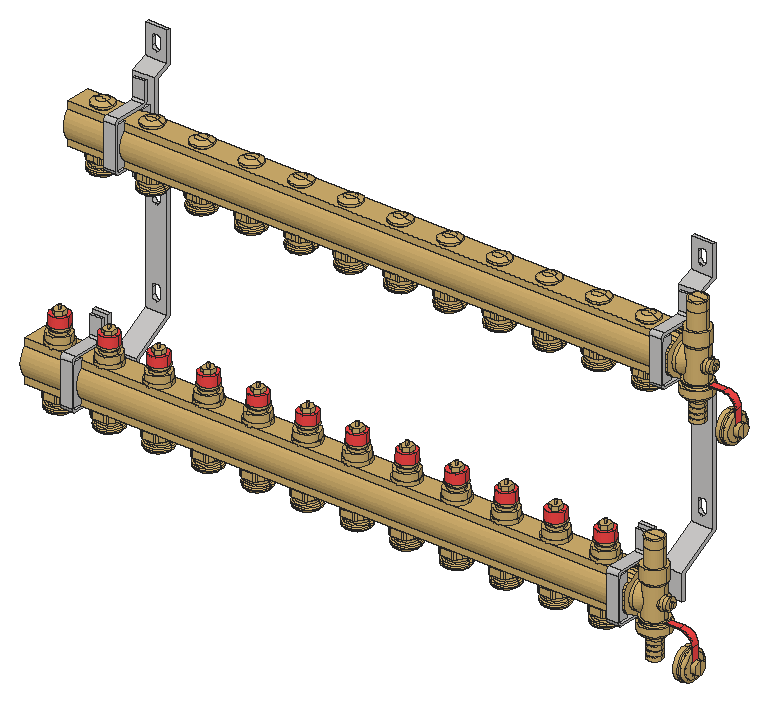
Revit family "Manifold FHF_2-12_RFA", category Pipe Accessories, Revit 2019 (continued)
Definition of nested family "_FHF-EA_EM"
  Automatic sketch dimensions
    Extrusion 2 sketch curve to plane 1 "Center (Front/Back)" = 2.669 mm  (x2)
    plane 5 to Extrusion 2 sketch curve = 3.75 mm  (x2)
    Extrusion 2 sketch curve to plane 5 = 2.831 mm  (x2)
    Extrusion 2 sketch curve to plane 5 = 5.5 mm
    Extrusion 2 sketch curve to Extrusion 2 sketch curve = 3.786 mm  (x2)
    Extrusion 2 sketch curve to Extrusion 2 sketch curve = 3.813 mm  (x2)
    Extrusion 2 sketch curve to Extrusion 2 sketch curve = 1.22 mm  (x2)
    Extrusion 2 sketch curve to Extrusion 2 sketch curve = 1.181 mm  (x2)
    Extrusion 2 sketch curve to Extrusion 2 sketch curve = 1.136 mm  (x2)
    Extrusion 2 sketch curve to Extrusion 2 sketch curve = 1.086 mm  (x2)
    Extrusion 2 sketch curve to Extrusion 2 sketch curve = 3.8 mm  (x4)
    Extrusion 2 sketch curve to Extrusion 2 sketch curve = 1.893 mm  (x7)
    Extrusion 2 sketch curve to Extrusion 2 sketch curve = 5.693 mm
    Extrusion 2 sketch curve to Extrusion 2 sketch curve = 1.907 mm  (x3)
    Extrusion 2 sketch curve to Extrusion 2 sketch curve = 0.179 mm  (x2)
    level to Extrusion 2 sketch curve = 3.786 mm  (x2)
    Extrusion 2 sketch curve to Extrusion 2 sketch curve = 3.814 mm  (x2)
    Extrusion 2 sketch curve to Extrusion 2 sketch curve = 2.401 mm  (x2)
    Extrusion 2 sketch curve to Extrusion 2 sketch curve = 2.222 mm  (x2)
    Extrusion 2 sketch curve to Extrusion 2 sketch curve = 0 mm  (x15)
    Extrusion 2 sketch curve to Extrusion 2 sketch curve = 3.279 mm  (x2)
    Extrusion 2 sketch curve to plane 4 = 0.471 mm  (x2)
    plane 5 to Extrusion 2 sketch curve = 0.471 mm  (x2)
    plane 3 "Center (Left/Right)" to Revolve 3 sketch curve = 15.987 mm
    Revolve 3 sketch curve to Revolve 3 sketch curve = 0.47 mm
    Revolve 3 sketch curve to Revolve 3 sketch curve = 1.502 mm
    Revolve 3 sketch curve to Revolve 3 sketch curve = 3.069 mm
    plane 3 "Center (Left/Right)" to Revolve 3 sketch curve = 19.056 mm
    plane 3 "Center (Left/Right)" to Revolve 3 sketch curve = 19.515 mm
    Revolve 3 sketch curve to Revolve 3 sketch curve = 1.472 mm
    Revolve 3 sketch curve to Revolve 3 sketch curve = 3.228 mm
    Revolve 3 sketch curve to Revolve 3 sketch curve = 2.642 mm
    Revolve 3 sketch curve to Revolve 3 sketch curve = 3.019 mm  (x2)
    Revolve 3 sketch curve to Revolve 3 sketch curve = 1.475 mm  (x2)
    Revolve 3 sketch curve to Revolve 3 sketch curve = 1.531 mm
    Revolve 3 sketch curve to Revolve 3 sketch curve = 4.308 mm
    Revolve 3 sketch curve to Revolve 3 sketch curve = 0.252 mm
    Revolve 3 sketch curve to Revolve 3 sketch curve = 0.082 mm
    Revolve 3 sketch curve to Revolve 3 sketch curve = 0.178 mm
    Revolve 3 sketch curve to Revolve 3 sketch curve = 0.105 mm
    Revolve 3 sketch curve to Revolve 3 sketch curve = 0.199 mm
    Revolve 3 sketch curve to Revolve 3 sketch curve = 0.21 mm
    Revolve 3 sketch curve to Revolve 3 sketch curve = 0.313 mm
    Revolve 3 sketch curve to Revolve 3 sketch curve = 1.061 mm
    Revolve 3 sketch curve to Revolve 3 sketch curve = 3.958 mm
    Revolve 3 sketch curve to Revolve 3 sketch curve = 1.08 mm
    Revolve 3 sketch curve to Revolve 3 sketch curve = 3.695 mm
    Revolve 3 sketch curve to Revolve 3 sketch curve = 4.803 mm
    Revolve 3 sketch curve to Revolve 3 sketch curve = 1.52 mm
    Revolve 3 sketch curve to Revolve 3 sketch curve = 1 mm
    level to Revolve 3 sketch curve = 15.773 mm
    Revolve 3 sketch curve to Revolve 3 sketch curve = 17.012 mm
    Revolve 3 sketch curve to Revolve 3 sketch curve = 0.512 mm
    Revolve 3 sketch curve to Revolve 3 sketch curve = 0.919 mm
    Revolve 3 sketch curve to Revolve 3 sketch curve = 5.08 mm
    Revolve 3 sketch curve to Revolve 3 sketch curve = 1.962 mm
    Revolve 3 sketch curve to Revolve 3 sketch curve = 6.25 mm
    Revolve 3 sketch curve to Revolve 3 sketch curve = 0 mm  (x2)
    Revolve 3 sketch curve to Revolve 3 sketch curve = 0.007 mm
    plane 6 to Revolve 4 sketch curve = 0 mm  (x2)
    Revolve 4 sketch curve to plane 6 = 6 mm
    Revolve 4 sketch curve to Revolve 4 sketch curve = 2.522 mm
    Revolve 4 sketch curve to Revolve 4 sketch curve = 2.471 mm
    Revolve 4 sketch curve to Revolve 4 sketch curve = 0.522 mm
    Revolve 4 sketch curve to Revolve 4 sketch curve = 0.143 mm
    Revolve 4 sketch curve to Revolve 4 sketch curve = 6.164 mm
    Revolve 4 sketch curve to Revolve 4 sketch curve = 5.813 mm
    Revolve 4 sketch curve to Revolve 4 sketch curve = 0.001 mm
    Revolve 4 sketch curve to Revolve 4 sketch curve = 10 mm
    Revolve 4 sketch curve to Revolve 4 sketch curve = 0 mm  (x2)
    Sweep 5 sketch curve to plane 6 = 18 mm
    Sweep 5 sketch curve to Sweep 5 sketch curve = 12.968 mm
    Sweep 5 sketch curve to Sweep 5 sketch curve = 17.328 mm
    profile plane to Sweep 5 sketch curve = 1.008 mm
    profile plane to Sweep 5 sketch curve = 0.008 mm
    Sweep 5 sketch curve to Sweep 5 sketch curve = 1.001 mm
    Sweep 5 sketch curve to plane 1 "Center (Front/Back)" = 3.534 mm
    plane 1 "Center (Front/Back)" to Sweep 5 sketch curve = 3.534 mm
    Sweep 5 sketch curve to Sweep 5 sketch curve = 1 mm
    plane 3 "Center (Left/Right)" to Revolve 6 sketch curve = 6.174 mm
    Revolve 6 sketch curve to Revolve 6 sketch curve = 9.151 mm
    Revolve 6 sketch curve to Revolve 6 sketch curve = 0.823 mm
    Revolve 6 sketch curve to Revolve 6 sketch curve = 0 mm  (x2)
    Revolve 6 sketch curve to Revolve 6 sketch curve = 3.908 mm
    Revolve 6 sketch curve to Revolve 6 sketch curve = 0.141 mm
    Revolve 7 sketch curve to level = 0 mm  (x2)
    plane 3 "Center (Left/Right)" to Revolve 7 sketch curve = 19.487 mm
    Revolve 7 sketch curve to Revolve 7 sketch curve = 4.111 mm
    Revolve 7 sketch curve to Revolve 7 sketch curve = 9.817 mm
    Revolve 7 sketch curve to Revolve 7 sketch curve = 11.642 mm
    Revolve 7 sketch curve to Revolve 7 sketch curve = 1.53 mm
    Revolve 7 sketch curve to Revolve 7 sketch curve = 4.1 mm
    Revolve 7 sketch curve to Revolve 7 sketch curve = 2.909 mm
    level to Revolve 7 sketch curve = 2.5 mm
    Revolve 7 sketch curve to Revolve 7 sketch curve = 3.5 mm
    level to Revolve 7 sketch curve = 7.53 mm
    Revolve 7 sketch curve to Revolve 7 sketch curve = 7.132 mm
    Revolve 7 sketch curve to Revolve 7 sketch curve = 0 mm  (x2)
    Revolve 8 sketch curve to level = 0 mm  (x2)
    Revolve 8 sketch curve to plane 3 "Center (Left/Right)" = 0 mm  (x2)
    plane 3 "Center (Left/Right)" to Revolve 8 sketch curve = 1.535 mm
    Revolve 8 sketch curve to Revolve 8 sketch curve = 5.705 mm
    Revolve 8 sketch curve to Revolve 8 sketch curve = 0.736 mm
    Revolve 8 sketch curve to Revolve 8 sketch curve = 2.794 mm
    Revolve 8 sketch curve to Revolve 8 sketch curve = 1.453 mm
    level to Revolve 8 sketch curve = 14.494 mm
    Revolve 8 sketch curve to Revolve 8 sketch curve = 0.523 mm
    Revolve 8 sketch curve to Revolve 8 sketch curve = 2.058 mm  (x2)
    Revolve 8 sketch curve to Revolve 8 sketch curve = 0 mm
    Extrusion 9 sketch curve to level = 0 mm  (x2)
    Extrusion 9 sketch curve to plane 1 "Center (Front/Back)" = 0 mm  (x2)
    plane 1 "Center (Front/Back)" to Extrusion 9 sketch curve = 2.669 mm  (x2)
    Extrusion 9 sketch curve to Extrusion 9 sketch curve = 3.302 mm  (x2)
    Extrusion 9 sketch curve to plane 4 = 3.75 mm  (x2)
    plane 4 to Extrusion 9 sketch curve = 2.831 mm  (x2)
    Extrusion 9 sketch curve to Extrusion 9 sketch curve = 0.782 mm  (x2)
    Extrusion 9 sketch curve to Extrusion 9 sketch curve = 0.707 mm  (x2)
    Extrusion 9 sketch curve to Extrusion 9 sketch curve = 1.489 mm  (x2)
    Extrusion 9 sketch curve to Extrusion 9 sketch curve = 0.63 mm  (x2)
    plane 4 to Extrusion 9 sketch curve = 5.5 mm
    Extrusion 9 sketch curve to plane 1 "Center (Front/Back)" = 2.669 mm  (x2)
    plane 5 to Extrusion 9 sketch curve = 3.75 mm  (x2)
    Extrusion 9 sketch curve to plane 5 = 2.831 mm  (x2)
    Extrusion 9 sketch curve to plane 5 = 5.5 mm
    Extrusion 9 sketch curve to Extrusion 9 sketch curve = 3.786 mm  (x2)
    Extrusion 9 sketch curve to Extrusion 9 sketch curve = 3.813 mm  (x2)
    Extrusion 9 sketch curve to Extrusion 9 sketch curve = 1.22 mm  (x2)
    Extrusion 9 sketch curve to Extrusion 9 sketch curve = 1.181 mm  (x2)
    Extrusion 9 sketch curve to Extrusion 9 sketch curve = 1.136 mm  (x2)
    Extrusion 9 sketch curve to Extrusion 9 sketch curve = 1.086 mm  (x2)
    Extrusion 9 sketch curve to Extrusion 9 sketch curve = 3.8 mm  (x4)
    Extrusion 9 sketch curve to Extrusion 9 sketch curve = 1.893 mm  (x7)
    Extrusion 9 sketch curve to Extrusion 9 sketch curve = 5.693 mm
    Extrusion 9 sketch curve to Extrusion 9 sketch curve = 1.907 mm  (x3)
    Extrusion 9 sketch curve to Extrusion 9 sketch curve = 0.179 mm  (x2)
    level to Extrusion 9 sketch curve = 3.786 mm  (x2)
    Extrusion 9 sketch curve to Extrusion 9 sketch curve = 3.814 mm  (x2)
    Extrusion 9 sketch curve to Extrusion 9 sketch curve = 2.401 mm  (x2)
    Extrusion 9 sketch curve to Extrusion 9 sketch curve = 2.222 mm  (x2)
    Extrusion 9 sketch curve to Extrusion 9 sketch curve = 0 mm  (x15)
    Extrusion 9 sketch curve to Extrusion 9 sketch curve = 3.279 mm  (x2)
    Extrusion 9 sketch curve to plane 4 = 0.471 mm  (x2)
    plane 5 to Extrusion 9 sketch curve = 0.471 mm  (x2)
    plane 6 to Revolve 10 sketch curve = 0 mm  (x2)
    Revolve 10 sketch curve to plane 6 = 6 mm
    Revolve 10 sketch curve to Revolve 10 sketch curve = 2.522 mm
    Revolve 10 sketch curve to Revolve 10 sketch curve = 2.471 mm
    Revolve 10 sketch curve to Revolve 10 sketch curve = 0.522 mm
    Revolve 10 sketch curve to Revolve 10 sketch curve = 0.143 mm
    Revolve 10 sketch curve to Revolve 10 sketch curve = 10 mm
    Revolve 10 sketch curve to Revolve 10 sketch curve = 6.164 mm
    Revolve 10 sketch curve to Revolve 10 sketch curve = 5.813 mm
    Revolve 10 sketch curve to Revolve 10 sketch curve = 0.001 mm
    Revolve 10 sketch curve to Revolve 10 sketch curve = 0 mm  (x2)
    Revolve 11 sketch curve to level = 0 mm  (x2)
    plane 3 "Center (Left/Right)" to Revolve 11 sketch curve = 19.487 mm
    Revolve 11 sketch curve to Revolve 11 sketch curve = 4.111 mm
    Revolve 11 sketch curve to Revolve 11 sketch curve = 9.817 mm
    Revolve 11 sketch curve to Revolve 11 sketch curve = 11.642 mm
    Revolve 11 sketch curve to Revolve 11 sketch curve = 1.53 mm
    Revolve 11 sketch curve to Revolve 11 sketch curve = 4.1 mm
    Revolve 11 sketch curve to Revolve 11 sketch curve = 2.909 mm
    level to Revolve 11 sketch curve = 2.5 mm
    Revolve 11 sketch curve to Revolve 11 sketch curve = 3.5 mm
    level to Revolve 11 sketch curve = 7.53 mm
    Revolve 11 sketch curve to Revolve 11 sketch curve = 7.132 mm
    Revolve 11 sketch curve to Revolve 11 sketch curve = 0 mm  (x2)
    Revolve 12 sketch curve to level = 0 mm  (x2)
    Revolve 12 sketch curve to plane 3 "Center (Left/Right)" = 0 mm  (x2)
    level to Revolve 12 sketch curve = 1.109 mm
    plane 3 "Center (Left/Right)" to Revolve 12 sketch curve = 19.166 mm
    Revolve 12 sketch curve to Revolve 12 sketch curve = 0.32 mm
    Revolve 12 sketch curve to Revolve 12 sketch curve = 14.874 mm
    Revolve 12 sketch curve to Revolve 12 sketch curve = 0 mm
    plane 3 "Center (Left/Right)" to Revolve 13 sketch curve = 18.583 mm
    plane 3 "Center (Left/Right)" to Revolve 13 sketch curve = 19.532 mm
    Revolve 13 sketch curve to Revolve 13 sketch curve = 3.814 mm
    Revolve 13 sketch curve to Revolve 13 sketch curve = 7.283 mm
    Revolve 13 sketch curve to Revolve 13 sketch curve = 7.643 mm
    Revolve 13 sketch curve to Revolve 13 sketch curve = 10 mm
    level to Revolve 13 sketch curve = 29.7 mm
    Revolve 13 sketch curve to Revolve 13 sketch curve = 1.522 mm
    Revolve 13 sketch curve to Revolve 13 sketch curve = 0 mm  (x3)
    plane 6 to Revolve 14 sketch curve = 0 mm  (x2)
    Revolve 14 sketch curve to plane 6 = 6.04 mm
    Revolve 14 sketch curve to Revolve 14 sketch curve = 9.96 mm
    Revolve 14 sketch curve to Revolve 14 sketch curve = 8.745 mm
    Revolve 14 sketch curve to Revolve 14 sketch curve = 0 mm  (x2)
    Sweep 16 sketch curve to plane 6 = 18 mm
    Sweep 16 sketch curve to plane 6 = 5.032 mm
    Sweep 16 sketch curve to Sweep 16 sketch curve = 17.328 mm
    profile plane to Sweep 16 sketch curve = 1.008 mm  (x2)
    profile plane to Sweep 16 sketch curve = 0.008 mm
    profile plane to Sweep 16 sketch curve = 0.007 mm
    Sweep 16 sketch curve to plane 1 "Center (Front/Back)" = 3.534 mm
    plane 1 "Center (Front/Back)" to Sweep 16 sketch curve = 3.534 mm
    Revolve 17 sketch curve to level = 0 mm  (x2)
    Revolve 17 sketch curve to plane 3 "Center (Left/Right)" = 0 mm  (x2)
    level to Revolve 17 sketch curve = 1.109 mm
    plane 3 "Center (Left/Right)" to Revolve 17 sketch curve = 19.166 mm
    Revolve 17 sketch curve to Revolve 17 sketch curve = 0.32 mm
    Revolve 17 sketch curve to Revolve 17 sketch curve = 14.874 mm
    Revolve 17 sketch curve to Revolve 17 sketch curve = 0 mm
    plane 3 "Center (Left/Right)" to Revolve 18 sketch curve = 18.583 mm
    plane 3 "Center (Left/Right)" to Revolve 18 sketch curve = 19.532 mm
    Revolve 18 sketch curve to Revolve 18 sketch curve = 3.814 mm
    Revolve 18 sketch curve to Revolve 18 sketch curve = 7.283 mm
    Revolve 18 sketch curve to Revolve 18 sketch curve = 7.643 mm
    Revolve 18 sketch curve to Revolve 18 sketch curve = 10 mm
    level to Revolve 18 sketch curve = 29.7 mm
    Revolve 18 sketch curve to Revolve 18 sketch curve = 1.522 mm
    Revolve 18 sketch curve to Revolve 18 sketch curve = 0 mm  (x3)
    plane 6 to Revolve 19 sketch curve = 0 mm  (x2)
    Revolve 19 sketch curve to plane 6 = 6.04 mm
    Revolve 19 sketch curve to Revolve 19 sketch curve = 9.96 mm
    Revolve 19 sketch curve to Revolve 19 sketch curve = 6.255 mm
    Revolve 19 sketch curve to Revolve 19 sketch curve = 8.745 mm
    Revolve 19 sketch curve to Revolve 19 sketch curve = 0 mm  (x2)
    plane 3 "Center (Left/Right)" to Revolve 20 sketch curve = 19.532 mm
    Revolve 20 sketch curve to Revolve 20 sketch curve = 2.865 mm
    Revolve 20 sketch curve to Revolve 20 sketch curve = 7.283 mm
    Revolve 20 sketch curve to Revolve 20 sketch curve = 7.643 mm
    Revolve 20 sketch curve to Revolve 20 sketch curve = 10 mm
    Revolve 20 sketch curve to Revolve 20 sketch curve = 0 mm  (x3)
    Revolve 3 sketch curve to Revolve 3 sketch curve = 1.5 mm  (x2)
    level to Revolve 6 sketch curve = 69.25 mm
    Revolve 6 sketch curve to Revolve 6 sketch curve = 4.604 mm
    Revolve 6 sketch curve to Revolve 6 sketch curve = 1.346 mm
    Revolve 6 sketch curve to Revolve 6 sketch curve = 0.561 mm
    Revolve 13 sketch curve to Revolve 13 sketch curve = 44.478 mm
    Revolve 18 sketch curve to Revolve 18 sketch curve = 44.478 mm
    level to Revolve 20 sketch curve = 57.24 mm
    Revolve 3 sketch curve to level = 16.3 mm
    Revolve 3 sketch curve to Revolve 3 sketch curve = 1.025 mm
    Revolve 3 sketch curve to Revolve 3 sketch curve = 3.967 mm
    Revolve 3 sketch curve to Revolve 3 sketch curve = 0.908 mm
    Revolve 3 sketch curve to Revolve 3 sketch curve = 3.615 mm
    Revolve 3 sketch curve to Revolve 3 sketch curve = 0.45 mm
    Revolve 4 sketch curve to level = 47.3 mm
    Sweep 5 sketch curve to level = 29.268 mm
    Sweep 5 sketch curve to Sweep 5 sketch curve = 25 mm
    Revolve 10 sketch curve to level = 47.3 mm
    Revolve 13 sketch curve to level = 20.3 mm
    Revolve 13 sketch curve to Revolve 13 sketch curve = 23.5 mm
    Revolve 14 sketch curve to level = 47.3 mm
    Revolve 14 sketch curve to Revolve 14 sketch curve = 6.255 mm
    Sweep 16 sketch curve to level = 29.268 mm
    Sweep 16 sketch curve to Sweep 16 sketch curve = 25 mm
    Revolve 18 sketch curve to level = 20.3 mm
    Revolve 18 sketch curve to Revolve 18 sketch curve = 23.5 mm
    Revolve 19 sketch curve to level = 47.3 mm
    Revolve 20 sketch curve to level = 20.3 mm
    Revolve 20 sketch curve to Revolve 20 sketch curve = 23.5 mm
    Revolve 3 sketch curve to plane 8 = 0 mm
    Revolve 3 sketch curve to Revolve 3 sketch curve = 2.187 mm
    Revolve 3 sketch curve to Revolve 3 sketch curve = 13.266 mm
    Revolve 3 sketch curve to plane 7 = 0 mm
    Revolve 15 sketch curve to plane 7 = 0 mm  (x2)
    plane 3 "Center (Left/Right)" to Revolve 15 sketch curve = 19.515 mm
    Revolve 15 sketch curve to Revolve 15 sketch curve = 1.472 mm
    plane 3 "Center (Left/Right)" to Revolve 15 sketch curve = 22.284 mm
    Revolve 15 sketch curve to Revolve 15 sketch curve = 2.642 mm
    Revolve 15 sketch curve to Revolve 15 sketch curve = 3.019 mm  (x2)
    Revolve 15 sketch curve to Revolve 15 sketch curve = 2.645 mm
    Revolve 15 sketch curve to Revolve 15 sketch curve = 1.531 mm
    Revolve 15 sketch curve to Revolve 15 sketch curve = 3.229 mm
    Revolve 15 sketch curve to Revolve 15 sketch curve = 0.8 mm
    Revolve 15 sketch curve to Revolve 15 sketch curve = 4.308 mm
    Revolve 15 sketch curve to Revolve 15 sketch curve = 0.252 mm
    plane 7 to Revolve 15 sketch curve = 0.45 mm
    Revolve 15 sketch curve to Revolve 15 sketch curve = 0.082 mm
    Revolve 15 sketch curve to Revolve 15 sketch curve = 0.178 mm
    plane 7 to Revolve 15 sketch curve = 8.94 mm
    Revolve 15 sketch curve to Revolve 15 sketch curve = 0.105 mm
    plane 7 to Revolve 15 sketch curve = 9.965 mm
    Revolve 15 sketch curve to Revolve 15 sketch curve = 0.199 mm
    Revolve 15 sketch curve to Revolve 15 sketch curve = 0.21 mm
    plane 7 to Revolve 15 sketch curve = 4.973 mm
    Revolve 15 sketch curve to Revolve 15 sketch curve = 0.313 mm
    Revolve 15 sketch curve to Revolve 15 sketch curve = 1.061 mm
    Revolve 15 sketch curve to Revolve 15 sketch curve = 6.25 mm
    Revolve 15 sketch curve to Revolve 15 sketch curve = 0.908 mm
    Revolve 15 sketch curve to Revolve 15 sketch curve = 3.958 mm
    Revolve 15 sketch curve to Revolve 15 sketch curve = 1.08 mm
    Revolve 15 sketch curve to Revolve 15 sketch curve = 3.695 mm
    Revolve 15 sketch curve to Revolve 15 sketch curve = 4.803 mm
    Revolve 15 sketch curve to Revolve 15 sketch curve = 1.475 mm
    Revolve 15 sketch curve to Revolve 15 sketch curve = 1.52 mm
    Revolve 15 sketch curve to Revolve 15 sketch curve = 1 mm
    level to Revolve 15 sketch curve = 15.773 mm
    Revolve 15 sketch curve to plane 8 = 19.26 mm
    Revolve 15 sketch curve to Revolve 15 sketch curve = 0 mm  (x2)
    Revolve 15 sketch curve to Revolve 15 sketch curve = 8.24 mm
    Revolve 15 sketch curve to Revolve 15 sketch curve = 2.187 mm
    Revolve 15 sketch curve to Revolve 15 sketch curve = 13.266 mm
    Revolve 15 sketch curve to Revolve 15 sketch curve = 6.986 mm
Definition of nested family "_FHF-MB_RFA"
  Parameters (values of type "FHF-MB_088U0585")
    W = 85.5 mm
    Valve Body Material = none
    Model Type = "FHF-MB_Mounting brackets set"
    Model = "088U0585"
    Manufacturer = "Danfoss"  # constant formula
    LOD 350 [instance] = not(LOD 200)  # yes
    LOD 200 [instance] = no
    L [instance] = 688 mm
    IfcExportType = "FHF-MB"  # constant formula
    IfcExportAs = "IfcValveType"  # constant formula
    H = 342 mm
    Description = "Accessories for Manifolds"
  Reference planes
    plane 1 "Center (Front/Back)": y = 0
    plane 2: z = 0
    plane 3 "s": x = 0
    plane 4: x = 716.737
    plane 5: x = 14.697
    plane 6: x = 2.697
    plane 7: x = 673.959
    plane 8: x = 690.697
    plane 9: x = 685.947
    plane 10: x = 707.447
    plane 11: x = -22.303
    plane 12: x = -10.303
    plane 13: x = 677.697
    plane 14: x = 665.697
    plane 15: y = 1.109
    plane 16: y = -2.391
    plane 17: z = -257.811
    plane 18: z = 84.189
    plane 19: y = 40.109
    plane 20: y = -45.391
    plane 21 "Center (Left/Right)": x = 8.697
    plane 22 "right": x = 696.697
    plane 23: x = 702.697
  Forms (mm)
    Extrusion 1, solid, material <- "Valve Body Material"
      sketch origin (0, 0, 0) x (0, 1, 0) y (0, 0, 1)
        loop
          line (16.609, 28.189) -> (16.609, 46.189) -> (14.609, 46.189) -> (14.609, 28.189)
          arc (14.609, 28.189) -> (14.023, 26.775) -> (12.609, 26.189) r 2
          line (12.609, 26.189) -> (-18.391, 26.189)
          arc (-18.391, 26.189) -> (-21.219, 25.017) -> (-22.391, 22.189) r 4
          line (-22.391, 22.189) -> (-22.391, -19.811)
          arc (-22.391, -19.811) -> (-21.219, -22.639) -> (-18.391, -23.811) r 4
          line (-18.391, -23.811) -> (12.609, -23.811)
          arc (12.609, -23.811) -> (14.023, -24.397) -> (14.609, -25.811) r 2
          line (14.609, -25.811) -> (14.609, -43.811) -> (16.609, -43.811) -> (16.609, -25.811)
          arc (16.609, -25.811) -> (15.438, -22.983) -> (12.609, -21.811) r 4
          line (12.609, -21.811) -> (-18.391, -21.811)
          arc (-18.391, -21.811) -> (-19.992, -21.042) -> (-20.391, -19.311) r 2.05
          line (-20.391, -19.311) -> (-20.391, 21.689)
          arc (-20.391, 21.689) -> (-19.992, 23.42) -> (-18.391, 24.189) r 2.05
          line (-18.391, 24.189) -> (12.609, 24.189)
          arc (12.609, 24.189) -> (15.438, 25.361) -> (16.609, 28.189) r 4
      from 2.697 to 14.697
    Extrusion 2, solid, material <- "Valve Body Material"
      sketch origin (0, 0, 0) x (0, 1, 0) y (0, 0, 1)
        loop
          line (36.609, 84.189) -> (36.609, 54.013) -> (20.609, 48.189) -> (20.609, -45.811) -> (36.609, -51.634) -> (36.609, -173.334) -> (-2.391, -195.851) -> (-2.391, -221.811) -> (1.109, -221.811) -> (1.109, -197.872) -> (40.109, -175.355) -> (40.109, -49.184) -> (24.109, -43.36) -> (24.109, 45.738) -> (40.109, 51.562) -> (40.109, 84.189) -> (36.609, 84.189)
      from -2.053 to 19.447
    Extrusion 3, solid, material <- "Valve Body Material"
      sketch origin (0, 0, 0) x (0, 1, 0) y (0, 0, 1)
        loop
          line (-6.391, -184.811) -> (-6.391, -166.811) -> (-8.391, -166.811) -> (-8.391, -184.811)
          arc (-8.391, -184.811) -> (-8.977, -186.225) -> (-10.391, -186.811) r 2
          line (-10.391, -186.811) -> (-41.391, -186.811)
          arc (-41.391, -186.811) -> (-44.219, -187.983) -> (-45.391, -190.811) r 4
          line (-45.391, -190.811) -> (-45.391, -232.811)
          arc (-45.391, -232.811) -> (-44.219, -235.639) -> (-41.391, -236.811) r 4
          line (-41.391, -236.811) -> (-10.391, -236.811)
          arc (-10.391, -236.811) -> (-8.977, -237.397) -> (-8.391, -238.811) r 2
          line (-8.391, -238.811) -> (-8.391, -256.811) -> (-6.391, -256.811) -> (-6.391, -238.811)
          arc (-6.391, -238.811) -> (-7.562, -235.983) -> (-10.391, -234.811) r 4
          line (-10.391, -234.811) -> (-41.391, -234.811)
          arc (-41.391, -234.811) -> (-42.992, -234.042) -> (-43.391, -232.311) r 2.05
          line (-43.391, -232.311) -> (-43.391, -191.311)
          arc (-43.391, -191.311) -> (-42.992, -189.58) -> (-41.391, -188.811) r 2.05
          line (-41.391, -188.811) -> (-10.391, -188.811)
          arc (-10.391, -188.811) -> (-7.562, -187.639) -> (-6.391, -184.811) r 4
      from -22.303 to -10.303
    Extrusion 4, solid, material <- "Valve Body Material"
      sketch origin (0, 0, 0) x (1, 0, 0) y (0, 0, 1)
        loop
          line (-2.053, -201.811) -> (-9.553, -201.811) -> (-9.553, -165.811) -> (-24.553, -165.811) -> (-24.553, -257.811) -> (-8.553, -257.811) -> (-8.553, -221.811) -> (-2.053, -221.811) -> (-2.053, -201.811)
      from -1.109 to 2.391
    Extrusion 5, solid, material <- "Valve Body Material", visible <- "LOD 350"
      sketch origin (0, 0, 0) x (0, 1, 0) y (0, 0, 1)
        loop
          line (-2.391, -191.311) -> (-11.391, -191.311) -> (-11.391, -198.283)
          arc (-11.391, -198.283) -> (-5.61, -211.811) -> (-11.391, -225.339) r 18.718
          line (-11.391, -225.339) -> (-11.391, -232.311) -> (-2.391, -232.311) -> (-2.391, -191.311)
        loop
          line (-34.391, -191.311) -> (-43.391, -191.311) -> (-43.391, -232.311) -> (-34.391, -232.311) -> (-34.391, -225.339)
          arc (-34.391, -225.339) -> (-40.327, -211.811) -> (-34.391, -198.283) r 18.382
          line (-34.391, -198.283) -> (-34.391, -191.311)
      from -22.303 to -10.303
    Extrusion 6, solid, material <- "Valve Body Material", visible <- "LOD 350"
      sketch origin (0, 0, 0) x (0, 1, 0) y (0, 0, 1)
        loop
          line (20.609, 21.689) -> (11.609, 21.689) -> (11.609, 14.717)
          arc (11.609, 14.717) -> (17.39, 1.189) -> (11.609, -12.339) r 18.718
          line (11.609, -12.339) -> (11.609, -19.311) -> (20.609, -19.311) -> (20.609, 21.689)
        loop
          line (-11.391, 21.689) -> (-20.391, 21.689) -> (-20.391, -19.311) -> (-11.391, -19.311) -> (-11.391, -12.339)
          arc (-11.391, -12.339) -> (-17.327, 1.189) -> (-11.391, 14.717) r 18.382
          line (-11.391, 14.717) -> (-11.391, 21.689)
      from 2.697 to 14.697
    Extrusion 7, solid, material <- "Valve Body Material"
      sketch origin (0, 0, 0) x (0, 1, 0) y (0, 0, 1)
        loop
          line (16.609, 28.189) -> (16.609, 46.189) -> (14.609, 46.189) -> (14.609, 28.189)
          arc (14.609, 28.189) -> (14.023, 26.775) -> (12.609, 26.189) r 2
          line (12.609, 26.189) -> (-18.391, 26.189)
          arc (-18.391, 26.189) -> (-21.219, 25.017) -> (-22.391, 22.189) r 4
          line (-22.391, 22.189) -> (-22.391, -19.811)
          arc (-22.391, -19.811) -> (-21.219, -22.639) -> (-18.391, -23.811) r 4
          line (-18.391, -23.811) -> (12.609, -23.811)
          arc (12.609, -23.811) -> (14.023, -24.397) -> (14.609, -25.811) r 2
          line (14.609, -25.811) -> (14.609, -43.811) -> (16.609, -43.811) -> (16.609, -25.811)
          arc (16.609, -25.811) -> (15.438, -22.983) -> (12.609, -21.811) r 4
          line (12.609, -21.811) -> (-18.391, -21.811)
          arc (-18.391, -21.811) -> (-19.992, -21.042) -> (-20.391, -19.311) r 2.05
          line (-20.391, -19.311) -> (-20.391, 21.689)
          arc (-20.391, 21.689) -> (-19.992, 23.42) -> (-18.391, 24.189) r 2.05
          line (-18.391, 24.189) -> (12.609, 24.189)
          arc (12.609, 24.189) -> (15.438, 25.361) -> (16.609, 28.189) r 4
      from 690.697 to 702.697
    Extrusion 8, solid, material <- "Valve Body Material"
      sketch origin (0, 0, 0) x (0, 1, 0) y (0, 0, 1)
        loop
          line (36.609, 84.189) -> (36.609, 54.013) -> (20.609, 48.189) -> (20.609, -45.811) -> (36.609, -51.634) -> (36.609, -173.334) -> (-2.391, -195.851) -> (-2.391, -221.811) -> (1.109, -221.811) -> (1.109, -197.872) -> (40.109, -175.355) -> (40.109, -49.184) -> (24.109, -43.36) -> (24.109, 45.738) -> (40.109, 51.562) -> (40.109, 84.189) -> (36.609, 84.189)
      from 685.947 to 707.447
    Extrusion 9, solid, material <- "Valve Body Material", visible <- "LOD 350"
      sketch origin (0, 0, 0) x (0, 1, 0) y (0, 0, 1)
        loop
          line (20.609, 21.689) -> (11.609, 21.689) -> (11.609, 14.717)
          arc (11.609, 14.717) -> (17.39, 1.189) -> (11.609, -12.339) r 18.718
          line (11.609, -12.339) -> (11.609, -19.311) -> (20.609, -19.311) -> (20.609, 21.689)
        loop
          line (-11.391, 21.689) -> (-20.391, 21.689) -> (-20.391, -19.311) -> (-11.391, -19.311) -> (-11.391, -12.339)
          arc (-11.391, -12.339) -> (-17.327, 1.189) -> (-11.391, 14.717) r 18.382
          line (-11.391, 14.717) -> (-11.391, 21.689)
      from 702.697 to 690.697
    Extrusion 10, solid, material <- "Valve Body Material", visible <- "LOD 350"
      sketch origin (0, 0, 0) x (0, 1, 0) y (0, 0, 1)
        loop
          line (-2.391, -191.311) -> (-11.391, -191.311) -> (-11.391, -198.283)
          arc (-11.391, -198.283) -> (-5.61, -211.811) -> (-11.391, -225.339) r 18.718
          line (-11.391, -225.339) -> (-11.391, -232.311) -> (-2.391, -232.311) -> (-2.391, -191.311)
        loop
          line (-34.391, -191.311) -> (-43.391, -191.311) -> (-43.391, -232.311) -> (-34.391, -232.311) -> (-34.391, -225.339)
          arc (-34.391, -225.339) -> (-40.327, -211.811) -> (-34.391, -198.283) r 18.382
          line (-34.391, -198.283) -> (-34.391, -191.311)
      from 665.697 to 677.697
    Extrusion 11, solid, material <- "Valve Body Material"
      sketch origin (0, 0, 0) x (0, 1, 0) y (0, 0, 1)
        loop
          line (-6.391, -184.811) -> (-6.391, -166.811) -> (-8.391, -166.811) -> (-8.391, -184.811)
          arc (-8.391, -184.811) -> (-8.977, -186.225) -> (-10.391, -186.811) r 2
          line (-10.391, -186.811) -> (-41.391, -186.811)
          arc (-41.391, -186.811) -> (-44.219, -187.983) -> (-45.391, -190.811) r 4
          line (-45.391, -190.811) -> (-45.391, -232.811)
          arc (-45.391, -232.811) -> (-44.219, -235.639) -> (-41.391, -236.811) r 4
          line (-41.391, -236.811) -> (-10.391, -236.811)
          arc (-10.391, -236.811) -> (-8.977, -237.397) -> (-8.391, -238.811) r 2
          line (-8.391, -238.811) -> (-8.391, -256.811) -> (-6.391, -256.811) -> (-6.391, -238.811)
          arc (-6.391, -238.811) -> (-7.562, -235.983) -> (-10.391, -234.811) r 4
          line (-10.391, -234.811) -> (-41.391, -234.811)
          arc (-41.391, -234.811) -> (-42.992, -234.042) -> (-43.391, -232.311) r 2.05
          line (-43.391, -232.311) -> (-43.391, -191.311)
          arc (-43.391, -191.311) -> (-42.992, -189.58) -> (-41.391, -188.811) r 2.05
          line (-41.391, -188.811) -> (-10.391, -188.811)
          arc (-10.391, -188.811) -> (-7.562, -187.639) -> (-6.391, -184.811) r 4
      from 665.697 to 677.697
    Sweep 12, solid, material <- "Valve Body Material"
      path origin (0, 0, -213) x (0, -1, 0) y (1, 0, 0)
        loop
          line (-1.109, 716.737) -> (2.391, 716.737)
      profile origin (716.737, -0.641, -213) x (1, 0, 0) y (0, 0, 1)
        loop
          line (-38.291, 11.189) -> (-38.291, 47.189) -> (-53.291, 47.189) -> (-53.291, -44.811) -> (-37.291, -44.811) -> (-37.291, -8.811) -> (-30.791, -8.811) -> (-30.791, 11.189) -> (-38.291, 11.189)
    Extrusion 13, void
      sketch origin (0, 0, 0) x (1, 0, 0) y (0, 0, 1)
        loop
          line (4.447, 72.939) -> (4.447, 65.439)
          arc (4.447, 65.439) -> (8.697, 61.189) -> (12.947, 65.439) r 4.25
          line (12.947, 65.439) -> (12.947, 72.939)
          arc (12.947, 72.939) -> (8.697, 77.189) -> (4.447, 72.939) r 4.25
        loop
          line (4.447, -64.884) -> (4.447, -72.384)
          arc (4.447, -72.384) -> (8.697, -76.634) -> (12.947, -72.384) r 4.25
          line (12.947, -72.384) -> (12.947, -64.884)
          arc (12.947, -64.884) -> (8.697, -60.634) -> (4.447, -64.884) r 4.25
        loop
          line (4.447, -152.584) -> (4.447, -160.084)
          arc (4.447, -160.084) -> (8.697, -164.334) -> (12.947, -160.084) r 4.25
          line (12.947, -160.084) -> (12.947, -152.584)
          arc (12.947, -152.584) -> (8.697, -148.334) -> (4.447, -152.584) r 4.25
      from -68.107 to 34.391
    Sweep 14, void
      path origin (0, 0, -213) x (0, -1, 0) y (1, 0, 0)
        loop
          line (-46.109, 716.737) -> (63.891, 716.737)
      profile origin (716.737, -8.891, -213) x (1, 0, 0) y (0, 0, 1)
        loop
          line (-15.791, 278.439) -> (-15.791, 285.939)
          arc (-15.791, 285.939) -> (-20.041, 290.189) -> (-24.291, 285.939) r 4.25
          line (-24.291, 285.939) -> (-24.291, 278.439)
          arc (-24.291, 278.439) -> (-20.041, 274.189) -> (-15.791, 278.439) r 4.25
        loop
          line (-15.791, 140.616) -> (-15.791, 148.116)
          arc (-15.791, 148.116) -> (-20.041, 152.366) -> (-24.291, 148.116) r 4.25
          line (-24.291, 148.116) -> (-24.291, 140.616)
          arc (-24.291, 140.616) -> (-20.041, 136.366) -> (-15.791, 140.616) r 4.25
        loop
          line (-15.791, 52.916) -> (-15.791, 60.416)
          arc (-15.791, 60.416) -> (-20.041, 64.666) -> (-24.291, 60.416) r 4.25
          line (-24.291, 60.416) -> (-24.291, 52.916)
          arc (-24.291, 52.916) -> (-20.041, 48.666) -> (-15.791, 52.916) r 4.25
  Cuts and joins
    Extrusion 13 cuts Extrusion 2
    joined: Extrusion 2, Extrusion 4
    Sweep 14 cuts Extrusion 8
    Sweep 14 cuts Sweep 12
    joined: Extrusion 8, Sweep 12
  Dimensions and locks
    plane 4 to plane 10 to plane 22 "right" to plane 8 to plane 9 = 9.291 mm locked, 10.75 mm locked, 6 mm locked, 4.75 mm locked
    plane 4 to plane 13 to plane 14 = 39.041 mm locked, 12 mm locked
    plane 16 to plane 1 "Center (Front/Back)" to plane 15 = 2.391 mm locked, 1.109 mm locked
    "H": plane 18 to plane 17
    "W": plane 20 to plane 19
    "L": plane 21 "Center (Left/Right)" to plane 22 "right"
    locked: plane 8 to plane 23 at 12
    aligned and locked: level to plane 2
    aligned and locked: Extrusion 1 to plane 5
    aligned and locked: plane 6 to Extrusion 1
    aligned and locked: Extrusion 6 to plane 5
    aligned and locked: plane 6 to Extrusion 6
    aligned and locked: plane 8 to Extrusion 7
    aligned and locked: Extrusion 8 to plane 10
    aligned and locked: plane 9 to Extrusion 8
    aligned and locked: Extrusion 10 to plane 14
    aligned and locked: plane 13 to Extrusion 10
    aligned and locked: Extrusion 11 to plane 14
    aligned and locked: plane 13 to Extrusion 11
    aligned and locked: Extrusion 7 to plane 23
    aligned and locked: Extrusion 9 to plane 23
    aligned and locked: plane 8 to Extrusion 9
  Automatic sketch dimensions
    Extrusion 1 sketch curve to Extrusion 1 sketch curve = 0 mm  (x7)
    plane 1 "Center (Front/Back)" to Extrusion 1 sketch curve = 22.391 mm
    Extrusion 1 sketch curve to Extrusion 1 sketch curve = 2 mm  (x7)
    Extrusion 1 sketch curve to plane 1 "Center (Front/Back)" = 12.609 mm  (x2)
    Extrusion 1 sketch curve to Extrusion 1 sketch curve = 18 mm  (x2)
    Extrusion 1 sketch curve to Extrusion 1 sketch curve = 0.05 mm
    level to Extrusion 1 sketch curve = 21.689 mm
    Extrusion 1 sketch curve to Extrusion 1 sketch curve = 0.45 mm
    plane 1 "Center (Front/Back)" to Extrusion 2 sketch curve = 2.391 mm
    Extrusion 2 sketch curve to plane 1 "Center (Front/Back)" = 1.109 mm
    Extrusion 2 sketch curve to plane 1 "Center (Front/Back)" = 20.609 mm
    Extrusion 2 sketch curve to Extrusion 2 sketch curve = 3.5 mm  (x3)
    Extrusion 2 sketch curve to Extrusion 2 sketch curve = 12.5 mm
    Extrusion 2 sketch curve to plane 1 "Center (Front/Back)" = 36.609 mm
    Extrusion 2 sketch curve to Extrusion 2 sketch curve = 2.021 mm  (x2)
    Extrusion 2 sketch curve to Extrusion 2 sketch curve = 2.451 mm  (x4)
    level to Extrusion 2 sketch curve = 45.738 mm
    Extrusion 2 sketch curve to Extrusion 2 sketch curve = 5.824 mm  (x2)
    Extrusion 2 sketch curve to Extrusion 2 sketch curve = 30.176 mm
    Extrusion 3 sketch curve to Extrusion 3 sketch curve = 0 mm  (x7)
    plane 1 "Center (Front/Back)" to Extrusion 3 sketch curve = 45.391 mm
    Extrusion 3 sketch curve to Extrusion 3 sketch curve = 2 mm  (x7)
    plane 1 "Center (Front/Back)" to Extrusion 3 sketch curve = 10.391 mm  (x2)
    Extrusion 3 sketch curve to Extrusion 3 sketch curve = 18 mm  (x2)
    Extrusion 3 sketch curve to Extrusion 3 sketch curve = 0.05 mm
    Extrusion 3 sketch curve to level = 191.311 mm
    Extrusion 3 sketch curve to Extrusion 3 sketch curve = 0.45 mm
    plane 11 to Extrusion 4 sketch curve = 2.25 mm
    Extrusion 4 sketch curve to plane 12 = 0.75 mm
    Extrusion 4 sketch curve to plane 12 = 1.75 mm
    Extrusion 4 sketch curve to plane 3 "s" = 2.053 mm
    plane 1 "Center (Front/Back)" to Extrusion 5 sketch curve = 43.391 mm
    Extrusion 5 sketch curve to Extrusion 5 sketch curve = 9 mm  (x2)
    Extrusion 5 sketch curve to Extrusion 5 sketch curve = 10.063 mm
    Extrusion 5 sketch curve to Extrusion 5 sketch curve = 2.383 mm
    plane 1 "Center (Front/Back)" to Extrusion 5 sketch curve = 11.391 mm  (x2)
    plane 1 "Center (Front/Back)" to Extrusion 5 sketch curve = 2.391 mm
    Extrusion 5 sketch curve to Extrusion 5 sketch curve = 6.972 mm  (x4)
    plane 1 "Center (Front/Back)" to Extrusion 6 sketch curve = 20.391 mm
    Extrusion 6 sketch curve to Extrusion 6 sketch curve = 9 mm  (x2)
    Extrusion 6 sketch curve to Extrusion 6 sketch curve = 10.063 mm
    Extrusion 6 sketch curve to Extrusion 6 sketch curve = 2.383 mm
    Extrusion 6 sketch curve to plane 1 "Center (Front/Back)" = 11.609 mm  (x2)
    Extrusion 6 sketch curve to plane 1 "Center (Front/Back)" = 20.609 mm
    Extrusion 6 sketch curve to Extrusion 6 sketch curve = 6.972 mm  (x4)
    Extrusion 7 sketch curve to Extrusion 7 sketch curve = 0 mm  (x7)
    plane 1 "Center (Front/Back)" to Extrusion 7 sketch curve = 22.391 mm
    Extrusion 7 sketch curve to Extrusion 7 sketch curve = 2 mm  (x7)
    Extrusion 7 sketch curve to plane 1 "Center (Front/Back)" = 12.609 mm  (x2)
    Extrusion 7 sketch curve to Extrusion 7 sketch curve = 18 mm  (x2)
    Extrusion 7 sketch curve to Extrusion 7 sketch curve = 0.05 mm
    level to Extrusion 7 sketch curve = 21.689 mm
    Extrusion 7 sketch curve to Extrusion 7 sketch curve = 0.45 mm
    plane 1 "Center (Front/Back)" to Extrusion 8 sketch curve = 2.391 mm
    Extrusion 8 sketch curve to plane 1 "Center (Front/Back)" = 1.109 mm
    Extrusion 8 sketch curve to plane 1 "Center (Front/Back)" = 20.609 mm
    Extrusion 8 sketch curve to Extrusion 8 sketch curve = 3.5 mm  (x3)
    Extrusion 8 sketch curve to Extrusion 8 sketch curve = 12.5 mm
    Extrusion 8 sketch curve to plane 1 "Center (Front/Back)" = 36.609 mm
    Extrusion 8 sketch curve to Extrusion 8 sketch curve = 2.021 mm  (x2)
    Extrusion 8 sketch curve to Extrusion 8 sketch curve = 2.451 mm  (x4)
    level to Extrusion 8 sketch curve = 45.738 mm
    Extrusion 8 sketch curve to Extrusion 8 sketch curve = 5.824 mm  (x2)
    Extrusion 8 sketch curve to Extrusion 8 sketch curve = 30.176 mm
    plane 1 "Center (Front/Back)" to Extrusion 9 sketch curve = 20.391 mm
    Extrusion 9 sketch curve to Extrusion 9 sketch curve = 9 mm  (x3)
    plane 1 "Center (Front/Back)" to Extrusion 9 sketch curve = 1.328 mm
    Extrusion 9 sketch curve to plane 1 "Center (Front/Back)" = 1.055 mm
    Extrusion 9 sketch curve to plane 1 "Center (Front/Back)" = 11.609 mm  (x2)
    Extrusion 9 sketch curve to level = 19.311 mm  (x2)
    Extrusion 9 sketch curve to Extrusion 9 sketch curve = 6.972 mm  (x4)
    level to Extrusion 9 sketch curve = 1.189 mm  (x2)
    plane 1 "Center (Front/Back)" to Extrusion 10 sketch curve = 43.391 mm
    Extrusion 10 sketch curve to Extrusion 10 sketch curve = 9 mm  (x2)
    Extrusion 10 sketch curve to Extrusion 10 sketch curve = 10.063 mm
    Extrusion 10 sketch curve to Extrusion 10 sketch curve = 2.383 mm
    plane 1 "Center (Front/Back)" to Extrusion 10 sketch curve = 11.391 mm  (x2)
    plane 1 "Center (Front/Back)" to Extrusion 10 sketch curve = 2.391 mm
    Extrusion 10 sketch curve to Extrusion 10 sketch curve = 6.972 mm  (x4)
    Extrusion 11 sketch curve to Extrusion 11 sketch curve = 0 mm  (x8)
    plane 1 "Center (Front/Back)" to Extrusion 11 sketch curve = 45.391 mm
    Extrusion 11 sketch curve to Extrusion 11 sketch curve = 2 mm  (x7)
    plane 1 "Center (Front/Back)" to Extrusion 11 sketch curve = 10.391 mm  (x2)
    Extrusion 11 sketch curve to Extrusion 11 sketch curve = 18 mm  (x2)
    Extrusion 11 sketch curve to Extrusion 11 sketch curve = 0.05 mm
    Extrusion 11 sketch curve to Extrusion 11 sketch curve = 0.45 mm
    Sweep 12 sketch curve to plane 4 = 0 mm
    plane 15 to Sweep 12 sketch curve = 0 mm
    plane 16 to Sweep 12 sketch curve = 0 mm
    profile plane to Sweep 12 sketch curve = 53.291 mm
    Sweep 12 sketch curve to Sweep 12 sketch curve = 15 mm
    Sweep 12 sketch curve to Sweep 12 sketch curve = 16 mm
    Sweep 12 sketch curve to Sweep 12 sketch curve = 7.5 mm
    Sweep 12 sketch curve to Sweep 12 sketch curve = 36 mm
    Extrusion 13 sketch curve to plane 6 = 1.75 mm  (x3)
    Extrusion 13 sketch curve to Extrusion 13 sketch curve = 4.25 mm  (x3)
    Extrusion 13 sketch curve to Extrusion 13 sketch curve = 7.5 mm  (x3)
    level to Extrusion 13 sketch curve = 65.439 mm
    Sweep 14 sketch curve to plane 4 = 0 mm
    Sweep 14 sketch curve to plane 15 = 45 mm
    plane 16 to Sweep 14 sketch curve = 61.5 mm
    profile plane to Sweep 14 sketch curve = 24.291 mm  (x3)
    Sweep 14 sketch curve to Sweep 14 sketch curve = 4.25 mm  (x3)
    Sweep 14 sketch curve to Sweep 14 sketch curve = 7.5 mm  (x3)
    Sweep 14 sketch curve to Sweep 14 sketch curve = 80.2 mm
    Sweep 14 sketch curve to Sweep 14 sketch curve = 130.324 mm
    Extrusion 1 sketch curve to level = 19.311 mm
    Extrusion 2 sketch curve to level = 51.634 mm
    Extrusion 7 sketch curve to level = 19.311 mm
    Extrusion 8 sketch curve to level = 51.634 mm
    Extrusion 13 sketch curve to level = 72.384 mm
    Extrusion 2 sketch curve to plane 17 = 84.476 mm
    Extrusion 2 sketch curve to Extrusion 2 sketch curve = 22.517 mm
    Extrusion 2 sketch curve to Extrusion 2 sketch curve = 23.939 mm
    Extrusion 3 sketch curve to plane 17 = 25.5 mm
    Extrusion 4 sketch curve to plane 17 = 0 mm
    Extrusion 4 sketch curve to Extrusion 4 sketch curve = 36 mm  (x2)
    Extrusion 4 sketch curve to Extrusion 4 sketch curve = 20 mm
    Extrusion 5 sketch curve to plane 17 = 25.5 mm  (x2)
    Extrusion 5 sketch curve to Extrusion 5 sketch curve = 13.528 mm
    Extrusion 5 sketch curve to Extrusion 5 sketch curve = 0 mm
    Extrusion 6 sketch curve to level = 19.311 mm  (x2)
    level to Extrusion 6 sketch curve = 1.189 mm  (x2)
    Extrusion 8 sketch curve to plane 17 = 84.476 mm
    Extrusion 8 sketch curve to Extrusion 8 sketch curve = 22.517 mm
    Extrusion 8 sketch curve to Extrusion 8 sketch curve = 23.939 mm
    Extrusion 10 sketch curve to plane 17 = 25.5 mm  (x2)
    Extrusion 10 sketch curve to Extrusion 10 sketch curve = 13.528 mm
    Extrusion 10 sketch curve to Extrusion 10 sketch curve = 0 mm
    Extrusion 11 sketch curve to plane 17 = 1 mm
    Extrusion 11 sketch curve to Extrusion 11 sketch curve = 41 mm
    Sweep 12 sketch curve to profile plane = 44.811 mm
    Sweep 12 sketch curve to profile plane = 8.811 mm
    profile plane to Sweep 12 sketch curve = 11.189 mm
    Extrusion 13 sketch curve to Extrusion 13 sketch curve = 80.2 mm
    profile plane to Sweep 14 sketch curve = 52.916 mm
Definition of nested family "FHF Symbol"
  Parameters (values of type "FHF Symbol")
    z [instance] = Offset Z + 1000 mm  # 1213 mm
    y [instance] = Offset Y + 500 mm  # 523 mm
    x [instance] = Offset X + 1000 mm  # 1500 mm
    Offset X [instance] = 500 mm
    Offset Y [instance] = 23 mm
    length [instance] = 600 mm
    Number of Circuits [instance] = 11
    Offset Z [instance] = 213 mm
    L [instance] = length + 50 mm  # 650 mm
  Reference planes
    plane 1 "Center (Front/Back)": y = 0
    plane 2: z = 0
    plane 3 "Center (Left/Right)": x = 0
    plane 4: x = 650
    plane 5 "bottom manifold": y = -23
    plane 6: z = -213
    plane 7 "right bottom length": x = 150
    plane 8: x = 25
    plane 9: x = -475
    plane 10 "left bottom length": x = -500
    plane 11: x = 625
    plane 12: x = 125
    plane 13: y = 23
    plane 14: y = 500
    plane 15: x = 1000
    plane 16: z = 1000
    plane 17: z = -233
  Lines and regions (mm)
    model lines
      curve 1: line (0, 0, -20) -> (0, 0, 20)
      curve 2: line (0, 0, 20) -> (650, 0, 20)
      curve 3: line (650, 0, 20) -> (650, 0, -20)
      curve 4: line (650, 0, -20) -> (0, 0, -20)
      curve 5: line (-475, -23, -233) -> (-475, -23, -251.048)
      curve 6: line (25, 0, -20) -> (25, 0, -50)
      curve 7: line (25, 0, -50) -> (40, 0, -50)
      curve 8: line (25, 0, -50) -> (10, 0, -50)
      curve 9: line (10, 0, -50) -> (40, 0, -101.962)
      curve 10: line (40, 0, -50) -> (10, 0, -101.962)
      curve 11: line (10, 0, -101.962) -> (40, 0, -101.962)
      curve 12: line (25, 0, -101.962) -> (25, 0, -116.962)
      curve 13: line (-500, -23, -193) -> (150, -23, -193)
      curve 14: line (150, -23, -193) -> (150, -23, -233)
      curve 15: line (150, -23, -233) -> (-500, -23, -233)
      curve 16: line (-500, -23, -233) -> (-500, -23, -193)
      curve 17: line (75, 0, -20) -> (75, 0, -50)
      curve 18: line (75, 0, -50) -> (90, 0, -50)
      curve 19: line (75, 0, -50) -> (60, 0, -50)
      curve 20: line (60, 0, -50) -> (90, 0, -101.962)
      curve 21: line (90, 0, -50) -> (60, 0, -101.962)
      curve 22: line (60, 0, -101.962) -> (90, 0, -101.962)
      curve 23: line (75, 0, -101.962) -> (75, 0, -116.962)
      curve 24: line (125, 0, -20) -> (125, 0, -50)
      curve 25: line (125, 0, -50) -> (140, 0, -50)
      curve 26: line (125, 0, -50) -> (110, 0, -50)
      curve 27: line (110, 0, -50) -> (140, 0, -101.962)
      curve 28: line (140, 0, -50) -> (110, 0, -101.962)
      curve 29: line (110, 0, -101.962) -> (140, 0, -101.962)
      curve 30: line (125, 0, -101.962) -> (125, 0, -116.962)
      curve 35: line (175, 0, -20) -> (175, 0, -50)
      curve 36: line (175, 0, -50) -> (190, 0, -50)
      curve 37: line (175, 0, -50) -> (160, 0, -50)
      curve 38: line (160, 0, -50) -> (190, 0, -101.962)
      curve 39: line (190, 0, -50) -> (160, 0, -101.962)
      curve 40: line (160, 0, -101.962) -> (190, 0, -101.962)
      curve 41: line (175, 0, -101.962) -> (175, 0, -116.962)
      curve 42: line (125, -23, -193) -> (125, -23, -173)
      curve 43: line (125, -23, -233) -> (125, -23, -293)
      curve 44: line (135, -23, -293) -> (115, -23, -293)
      curve 45: line (115, -23, -293) -> (125, -23, -310.321)
      curve 46: line (135, -23, -293) -> (125, -23, -310.321)
      curve 47: line (115, -23, -173) -> (135, -23, -173)
      curve 48: line (135, -23, -173) -> (125, -23, -155.679)
      curve 49: line (115, -23, -173) -> (125, -23, -155.679)
      curve 50: line (-425, -23, -233) -> (-425, -23, -251.048)
      curve 51: line (-375, -23, -233) -> (-375, -23, -251.048)
      curve 52: line (-325, -23, -233) -> (-325, -23, -251.048)
      curve 55: line (625, 0, 20) -> (625, 0, 40)
      curve 56: line (615, 0, 40) -> (635, 0, 40)
      curve 57: line (635, 0, 40) -> (625, 0, 57.321)
      curve 58: line (615, 0, 40) -> (625, 0, 57.321)
      curve 59: line (625, 0, -20) -> (625, 0, -120)
      curve 60: line (635, 0, -120) -> (615, 0, -120)
      curve 61: line (615, 0, -120) -> (625, 0, -137.321)
      curve 62: line (635, 0, -120) -> (625, 0, -137.321)
      curve 63: line (225, 0, -20) -> (225, 0, -50)
      curve 64: line (225, 0, -50) -> (240, 0, -50)
      curve 65: line (225, 0, -50) -> (210, 0, -50)
      curve 66: line (210, 0, -50) -> (240, 0, -101.962)
      curve 67: line (240, 0, -50) -> (210, 0, -101.962)
      curve 68: line (210, 0, -101.962) -> (240, 0, -101.962)
      curve 69: line (225, 0, -101.962) -> (225, 0, -116.962)
      curve 70: line (275, 0, -20) -> (275, 0, -50)
      curve 71: line (275, 0, -50) -> (290, 0, -50)
      curve 72: line (275, 0, -50) -> (260, 0, -50)
      curve 73: line (260, 0, -50) -> (290, 0, -101.962)
      curve 74: line (290, 0, -50) -> (260, 0, -101.962)
      curve 75: line (260, 0, -101.962) -> (290, 0, -101.962)
      curve 76: line (275, 0, -101.962) -> (275, 0, -116.962)
      curve 77: line (325, 0, -20) -> (325, 0, -50)
      curve 78: line (325, 0, -50) -> (340, 0, -50)
      curve 79: line (325, 0, -50) -> (310, 0, -50)
      curve 80: line (310, 0, -50) -> (340, 0, -101.962)
      curve 81: line (340, 0, -50) -> (310, 0, -101.962)
      curve 82: line (310, 0, -101.962) -> (340, 0, -101.962)
      curve 83: line (325, 0, -101.962) -> (325, 0, -116.962)
      curve 84: line (375, 0, -20) -> (375, 0, -50)
      curve 85: line (375, 0, -50) -> (390, 0, -50)
      curve 86: line (375, 0, -50) -> (360, 0, -50)
      curve 87: line (360, 0, -50) -> (390, 0, -101.962)
      curve 88: line (390, 0, -50) -> (360, 0, -101.962)
      curve 89: line (360, 0, -101.962) -> (390, 0, -101.962)
      curve 90: line (375, 0, -101.962) -> (375, 0, -116.962)
      curve 91: line (425, 0, -20) -> (425, 0, -50)
      curve 92: line (425, 0, -50) -> (440, 0, -50)
      curve 93: line (425, 0, -50) -> (410, 0, -50)
      curve 94: line (410, 0, -50) -> (440, 0, -101.962)
      curve 95: line (440, 0, -50) -> (410, 0, -101.962)
      curve 96: line (410, 0, -101.962) -> (440, 0, -101.962)
      curve 97: line (425, 0, -101.962) -> (425, 0, -116.962)
      curve 98: line (475, 0, -20) -> (475, 0, -50)
      curve 99: line (475, 0, -50) -> (490, 0, -50)
      curve 100: line (475, 0, -50) -> (460, 0, -50)
      curve 101: line (460, 0, -50) -> (490, 0, -101.962)
      curve 102: line (490, 0, -50) -> (460, 0, -101.962)
      curve 103: line (460, 0, -101.962) -> (490, 0, -101.962)
      curve 104: line (475, 0, -101.962) -> (475, 0, -116.962)
      curve 105: line (525, 0, -20) -> (525, 0, -50)
      curve 106: line (525, 0, -50) -> (540, 0, -50)
      curve 107: line (525, 0, -50) -> (510, 0, -50)
      curve 108: line (510, 0, -50) -> (540, 0, -101.962)
      curve 109: line (540, 0, -50) -> (510, 0, -101.962)
      curve 110: line (510, 0, -101.962) -> (540, 0, -101.962)
      curve 111: line (525, 0, -101.962) -> (525, 0, -116.962)
      curve 112: line (-275, -23, -233) -> (-275, -23, -251.048)
      curve 113: line (-225, -23, -233) -> (-225, -23, -251.048)
      curve 114: line (-175, -23, -233) -> (-175, -23, -251.048)
      curve 115: line (-125, -23, -233) -> (-125, -23, -251.048)
      curve 116: line (-75, -23, -233) -> (-75, -23, -251.048)
      curve 117: line (-25, -23, -233) -> (-25, -23, -251.048)
      curve 118: line (25, -23, -233) -> (25, -23, -251.048)
    symbolic lines
      curve 31: line (0, -23, 0) -> (0, 23, 0)
      curve 32: line (0, 23, 0) -> (150, 23, 0)
      curve 33: line (150, 23, 0) -> (150, -23, 0)
      curve 34: line (150, -23, 0) -> (0, -23, 0)
      curve 53: line (0, 23, 0) -> (150, -23, 0)
      curve 54: line (150, 23, 0) -> (0, -23, 0)
  Dimensions and locks
    "L": plane 4 to plane 3 "Center (Left/Right)"
    locked: curve 2 to level at 20
    locked: level to curve 4 at 20
    locked: plane 8 to plane 3 "Center (Left/Right)" at 25
    locked: curve 13 to plane 6 at 20
    locked: plane 6 to curve 15 at 20
    locked: plane 6 to curve 5 at 20
    locked: plane 2 to curve 7 at 50
    plane 2 to curve 11 = 101.962 mm
    locked: plane 2 to curve 6 at 20
    equal spacing: group 1, group 2, group 3, group 4, group 9, group 10, group 11, group 12, group 13, group 14, group 15  (x3)
    locked: plane 9 to plane 10 "left bottom length" at 25
    "L": plane 7 "right bottom length" to plane 10 "left bottom length"
    locked: plane 4 to plane 11 at 25
    locked: plane 7 "right bottom length" to plane 12 at 25
    locked: plane 12 to curve 49 at 10
    locked: curve 48 to plane 12 at 10
    locked: plane 12 to curve 45 at 10
    locked: curve 46 to plane 12 at 10
    equal spacing: group 5, group 6, group 7, group 8, group 16, group 17, group 18, group 19, group 20, group 21, group 22  (x2)
    equal spacing: group 22, group 21, group 20, group 19, group 18, group 17, group 16, group 8, group 7, group 6, group 5
    locked: curve 5 to curve 50 at 50
    plane 1 "Center (Front/Back)" to plane 13 = 23 mm
    locked: plane 11 to curve 58 at 10
    locked: curve 57 to plane 11 at 10
    locked: plane 11 to curve 61 at 10
    locked: curve 62 to plane 11 at 10
    "y": plane 5 "bottom manifold" to plane 14
    "x": plane 15 to plane 10 "left bottom length"
    locked: plane 6 to plane 17 at 20
    "z": plane 16 to plane 6
    aligned and locked: level to plane 2
    aligned and locked: curve 14 to plane 7 "right bottom length"
    aligned and locked: plane 3 "Center (Left/Right)" to curve 31
    aligned and locked: plane 12 to curve 42
    aligned and locked: plane 12 to curve 46
    aligned and locked: curve 43 to plane 12
    aligned and locked: plane 12 to curve 49
    aligned and locked: plane 10 "left bottom length" to curve 16
    aligned and locked: plane 5 "bottom manifold" to curve 5
    aligned and locked: curve 34 to plane 5 "bottom manifold"
    aligned and locked: curve 32 to plane 13
    aligned and locked: curve 33 to plane 7 "right bottom length"
    aligned and locked: plane 11 to curve 55
    aligned and locked: curve 59 to plane 11
    aligned and locked: plane 5 "bottom manifold" to curve 50
    aligned and locked: plane 17 to curve 50
    aligned and locked: curve 5 to plane 9
  Automatic sketch dimensions
    curve 8 to curve 11 = 0 mm
    curve 8 to curve 7 = 15 mm
    curve 11 to curve 11 = 30 mm
    curve 6 to curve 7 = 15 mm
    curve 10 to curve 8 = 51.962 mm
    curve 12 to curve 9 = 15 mm
    curve 12 to curve 12 = 15 mm
    curve 6 to curve 6 = 30 mm
    curve 19 to curve 22 = 0 mm
    curve 19 to curve 18 = 15 mm
    curve 22 to curve 22 = 30 mm
    curve 17 to curve 18 = 15 mm
    curve 21 to curve 19 = 51.962 mm
    curve 23 to curve 20 = 15 mm
    curve 23 to curve 23 = 15 mm
    curve 17 to curve 17 = 30 mm
    curve 26 to curve 29 = 0 mm
    curve 26 to curve 25 = 15 mm
    curve 29 to curve 29 = 30 mm
    curve 24 to curve 25 = 15 mm
    curve 28 to curve 26 = 51.962 mm
    curve 30 to curve 27 = 15 mm
    curve 30 to curve 30 = 15 mm
    curve 24 to curve 24 = 30 mm
    curve 37 to curve 40 = 0 mm
    curve 37 to curve 36 = 15 mm
    curve 40 to curve 40 = 30 mm
    curve 35 to curve 36 = 15 mm
    curve 39 to curve 37 = 51.962 mm
    curve 41 to curve 38 = 15 mm
    curve 41 to curve 41 = 15 mm
    curve 35 to curve 35 = 30 mm
    curve 5 to curve 5 = 18.048 mm  (x2)
    curve 46 to curve 43 = 60 mm
    curve 46 to curve 43 = 17.321 mm
    curve 42 to curve 47 = 20 mm
    curve 42 to curve 49 = 17.321 mm
    curve 65 to curve 68 = 0 mm
    curve 65 to curve 64 = 15 mm
    curve 68 to curve 68 = 30 mm
    curve 63 to curve 64 = 15 mm
    curve 67 to curve 65 = 51.962 mm
    curve 69 to curve 66 = 15 mm
    curve 69 to curve 69 = 15 mm
    curve 63 to curve 63 = 30 mm
    curve 72 to curve 75 = 0 mm
    curve 72 to curve 71 = 15 mm
    curve 75 to curve 75 = 30 mm
    curve 70 to curve 71 = 15 mm
    curve 74 to curve 72 = 51.962 mm
    curve 76 to curve 73 = 15 mm
    curve 76 to curve 76 = 15 mm
    curve 70 to curve 70 = 30 mm
    curve 79 to curve 82 = 0 mm
    curve 79 to curve 78 = 15 mm
    curve 82 to curve 82 = 30 mm
    curve 77 to curve 78 = 15 mm
    curve 81 to curve 79 = 51.962 mm
    curve 83 to curve 80 = 15 mm
    curve 83 to curve 83 = 15 mm
    curve 77 to curve 77 = 30 mm
    curve 86 to curve 89 = 0 mm
    curve 86 to curve 85 = 15 mm
    curve 89 to curve 89 = 30 mm
    curve 84 to curve 85 = 15 mm
    curve 88 to curve 86 = 51.962 mm
    curve 90 to curve 87 = 15 mm
    curve 90 to curve 90 = 15 mm
    curve 84 to curve 84 = 30 mm
    curve 93 to curve 96 = 0 mm
    curve 93 to curve 92 = 15 mm
    curve 96 to curve 96 = 30 mm
    curve 91 to curve 92 = 15 mm
    curve 95 to curve 93 = 51.962 mm
    curve 97 to curve 94 = 15 mm
    curve 97 to curve 97 = 15 mm
    curve 91 to curve 91 = 30 mm
    curve 100 to curve 103 = 0 mm
    curve 100 to curve 99 = 15 mm
    curve 103 to curve 103 = 30 mm
    curve 98 to curve 99 = 15 mm
    curve 102 to curve 100 = 51.962 mm
    curve 104 to curve 101 = 15 mm
    curve 104 to curve 104 = 15 mm
    curve 98 to curve 98 = 30 mm
    curve 107 to curve 110 = 0 mm
    curve 107 to curve 106 = 15 mm
    curve 110 to curve 110 = 30 mm
    curve 105 to curve 106 = 15 mm
    curve 109 to curve 107 = 51.962 mm
    curve 111 to curve 108 = 15 mm
    curve 111 to curve 111 = 15 mm
    curve 105 to curve 105 = 30 mm
    curve 1 to plane 3 "Center (Left/Right)" = 0 mm
    plane 11 to curve 62 = 0 mm
    curve 57 to plane 11 = 0 mm
    curve 2 to plane 4 = 0 mm
    curve 60 to curve 59 = 100 mm
    curve 55 to curve 56 = 20 mm
    curve 55 to curve 57 = 17.321 mm
    curve 62 to curve 59 = 17.321 mm
    curve 50 to curve 50 = 18.048 mm
    curve 51 to curve 51 = 18.048 mm
    curve 52 to curve 52 = 18.048 mm
    curve 112 to curve 112 = 18.048 mm
    curve 113 to curve 113 = 18.048 mm
    curve 114 to curve 114 = 18.048 mm
    curve 115 to curve 115 = 18.048 mm
    curve 116 to curve 116 = 18.048 mm
    curve 117 to curve 117 = 18.048 mm
    curve 118 to curve 118 = 18.048 mm
Types (11, lengths in mm): name | Number of Circuits | Model Type | Model | Length | L1 | L bracket | L
  Manifold FHF_2+2_088U0502 | 2 | "Manifold FHF_2+2" | "088U0502" | 100 | 111 | 50 | 170
